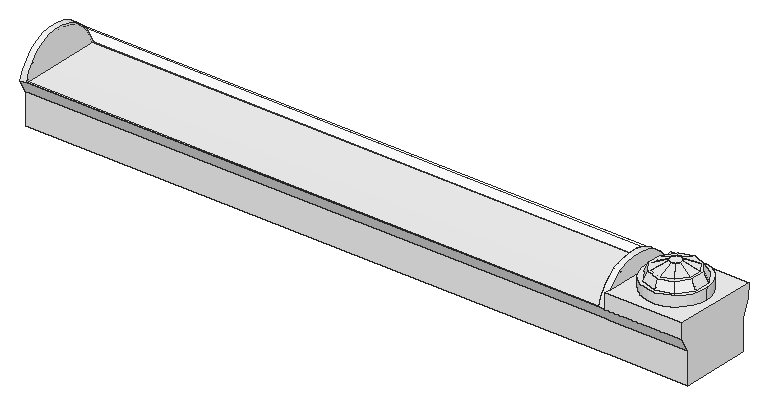
Revit family "ESL", category Lighting Fixtures, host Face, Revit 2021
Family settings
  Host = Face
  Round Connector Dimension = Use Diameter
  Part Type = Normal
  OmniClass Number = 23.80.70.11.14.17
  OmniClass Title = Direct/Indirect
  Cut with Voids When Loaded = No
  Light Source = Yes
  Shared = Yes
  Room Calculation Point = No
Parameters (values of type "ESL-2")
  zz Length 2 = 24"
  Watts = 13.8 W
  Wattage Comments = "13W to 38W"  # constant formula
  Wattage = 13.8 W
  Warranty = "Five year warranty"  # constant formula
  built-in parameter 1150110 = 1 (stored number, unit not read)
  Voltage = 120 V
  URL = "https://www.currentlighting.com/columbia"
  Type Comments = "Lighting Fixture"  # constant formula
  built-in parameter 1114217 = 1 (stored number, unit not read)
  Tilt Angle = 90.00°
  built-in parameter 1150109 = 1 (stored number, unit not read)
  built-in parameter 1150134 = (empty or 0)
  built-in parameter 1150113 = 1 (stored number, unit not read)
  Product Page URL = ""
  Product Documentation Link = ""
  Power Factor = 1
  Photometric Web File = "generic.ies"
  Model = "ESL"  # constant formula
  Manufacturer = "Columbia Lighting"  # constant formula
  built-in parameter 1150105 = 129.55 (stored number, unit not read)
  Lumens = 1628.4 lm
  built-in parameter 1150115 = 1 (stored number, unit not read)
  Load Classification = Lighting
  built-in parameter 1150137 = (empty or 0)
  built-in parameter 1150139 = (empty or 0)
  built-in parameter 1150112 = 1 (stored number, unit not read)
  built-in parameter 1150114 = 1 (stored number, unit not read)
  Lamp = "LED"  # constant formula
  Glass = White Glass
  built-in parameter 1150132 = (empty or 0)
  built-in parameter 1150102 = (empty or 0)
  built-in parameter 1150107 = 3000 (stored number, unit not read)
  built-in parameter 1150138 = (empty or 0)
  built-in parameter 1150106 = 1.2955 (stored number, unit not read)
  Emit from Rectangle Width = 3"  # constant formula
  Emit from Rectangle Length = zz Length 2 - 2"  # 22"
  Copyright = "Copyright © Columbia Lighting"  # constant formula
  Contact Us = ""
  Ceiling Type = "Celing & Wall Mount"  # constant formula
  Emit Shape Visible in Rendering = no
  built-in parameter 1150104 = 10.963 (stored number, unit not read)
  Dimming Lamp Color Temperature Shift = Incandescent Lamp Curve
  Description = "Escalate™ Stairwell Luminaire"  # constant formula
  Default Elevation = 48"
  Finish = Arctic White
  Color Filter = 16777215
  built-in parameter 1114218 = 1 (stored number, unit not read)
  built-in parameter 1150133 = 10 (stored number, unit not read)
  Assembly Code = "D5020200"
  Apparent Load = Watts / Power Factor  # 13.8 VA
Types (4): name | zz Length 2 | Emit from Rectangle Length
  (no name) | 24" | 22"
  ESL-2 | 24" | 22"
  ESL-4 | 48" | 46"
  ESL-8 | 96" | 94"
Reference planes (in)
  plane 1 "Center (Front/Back)": y = 6.16697
  plane 2: z = 0
  plane 3 "Center (Left/Right)": x = 0
  plane 4: z = 0
Lines and regions (in)
  reference lines
    curve 1: line (0, 14.66697, -3.25) -> (0, 17.66697, -0.25)
    curve 2: line (0, -2.33303, -3.25) -> (0, 14.66697, -3.25)
    curve 3: line (0, -5.33303, -0.25) -> (0, -2.33303, -3.25)
    curve 4: line (0, 14.66697, -3.25) -> (0, 17.66697, -0.25)
    curve 5: line (0, -5.33303, -0.25) -> (0, 17.66697, -0.25)
    curve 6: line (0, 17.41697, -0.77432) -> (0, 18.16697, -0.77432)
    curve 7: line (0, 17.41697, -1.52432) -> (0, 17.41697, -0.77432)
    curve 8: line (0, 16.93705, -1.52432) -> (0, 17.41697, -1.52432)
    curve 9: line (0, 15.16697, -4.25) -> (0, 16.93705, -1.52432)
    curve 10: line (0, -4.60311, -1.52432) -> (0, -2.83303, -4.25)
    curve 11: line (0, -5.08303, -1.52432) -> (0, -4.60311, -1.52432)
    curve 12: line (0, -5.08303, -0.77432) -> (0, -5.08303, -1.52432)
    curve 13: line (0, -5.83303, -0.77432) -> (0, -5.08303, -0.77432)
Dimensions and locks (in)
  aligned and locked: plane 2 to host face
  aligned and locked: level to host face
  aligned and locked: imposter light to plane 3 "Center (Left/Right)"
  aligned and locked: imposter light to plane 1 "Center (Front/Back)"
  aligned and locked: plane 3 "Center (Left/Right)" to nested 1
  aligned and locked: plane 1 "Center (Front/Back)" to nested 1
  aligned and locked: imposter light to nested 1
Nested families (in)
  nested 1: "LED Stairwell Luminaire" at (2.04767, 6.12698, 0), Row Length <- "zz Length 2", Glass <- "Glass", Backbox <- "Finish", type "LED Stairwell Luminaire"
    with Row Length 24", Glass White Glass, Backbox Arctic White
Connectors (in)
  electrical at (6.73047, 6.16697, 0), driven by "Load Classification", driven by "Voltage", driven by "Apparent Load", driven by "Power Factor"
    settings: on nested 1, index 1, voltage 120 V, apparent load 13.8 VA, apparent load phase1 0 VA, apparent load phase2 0 VA, apparent load phase3 0 VA, power factor 1, load classification "Lighting", number of poles 1, system type 30, power factor state 1, is connector primary yes, connector utility no, sub classification motor no, connector description "Electrical Connector"
Definition of nested family "LED Stairwell Luminaire"
  Parameters
    Wattage Comments = ""
    URL = ""
    Row Length [instance] = 24"
    Model = ""
    Manufacturer = ""
    Lamp = ""
    Glass [instance] = none
    Description = ""
    Default Elevation = 48"
    Backbox [instance] = none
  Reference planes (in)
    plane 1 "Center (Front/Back)": y = 0.03999
    plane 2: z = 0
    plane 3 "Center (Left/Right)": x = -2.04767
    plane 4: x = -14.04767
    plane 5: x = 9.95233
    plane 6: x = -13.79767
    plane 7: x = 9.70233
    plane 8: z = 3.45313
    plane 9: y = 1.43999
    plane 10: y = -1.36001
    plane 11: x = 13.1242
    plane 12: y = -1.66001
    plane 13: y = 1.73999
  Forms (in)
    Extrusion 1, solid
      sketch origin (0, 0, 0.06357) x (1, 0, 0) y (0, 1, 0)
        loop
          line (-48, 48) -> (-48, -48) -> (48, -48) -> (48, 48) -> (-48, 48)
      from -0.06357 to -17.74365
    Extrusion 2, solid, material <- "Backbox"
      sketch origin (-2.04767, 0, 0) x (0, 1, 0) y (0, 0, 1)
        loop
          line (1.43999, 1.27433) -> (1.73999, 1.81422) -> (-1.66001, 1.81422) -> (-1.36001, 1.27433) -> (-1.36001, 0) -> (1.43999, 0) -> (1.43999, 1.27433)
      from -11.75 to 15.17188
    Extrusion 3, solid, material <- "Glass"
      sketch origin (-2.04767, 0, 0) x (0, 1, 0) y (0, 0, 1)
        loop
          arc (1.73999, 1.81422) -> (0.03999, 3.13267) -> (-1.66001, 1.81422) r 1.75521
          line (-1.66001, 1.81422) -> (-1.59799, 1.81422)
          arc (-1.59799, 1.81422) -> (0.03999, 3.07267) -> (1.67797, 1.81422) r 1.69521
          line (1.67797, 1.81422) -> (1.73999, 1.81422)
      from -11.75 to 11.75
    Extrusion 4, solid, material <- "Backbox"
      sketch origin (-2.04767, 0, 0) x (0, 1, 0) y (0, 0, 1)
        loop
          line (1.43999, 1.27433) -> (1.73999, 1.81422)
          arc (1.73999, 1.81422) -> (0.03999, 3.13267) -> (-1.66001, 1.81422) r 1.75521
          line (-1.66001, 1.81422) -> (-1.36001, 1.27433) -> (-1.36001, 0) -> (1.43999, 0) -> (1.43999, 1.27433)
      from 11.75 to 12
    Extrusion 5, solid, material <- "Backbox"
      sketch origin (-2.04767, 0, 0) x (0, 1, 0) y (0, 0, 1)
        loop
          line (1.43999, 1.27433) -> (1.73999, 1.81422)
          arc (1.73999, 1.81422) -> (0.03999, 3.13267) -> (-1.66001, 1.81422) r 1.75521
          line (-1.66001, 1.81422) -> (-1.36001, 1.27433) -> (-1.36001, 0) -> (1.43999, 0) -> (1.43999, 1.27433)
      from -12 to -11.75
    Extrusion 6, solid, material <- "Backbox"
      sketch origin (0, 0, 0) x (1, 0, 0) y (0, 1, 0)
        loop
          circle (11.52445, 0.03999) r 1.25
      from 2.4276 to 2.83969
    Blend 7, solid, material <- "Backbox"
      base sketch origin (0, 0, 0) x (1, 0, 0) y (0, 1, 0)
        loop
          line (12.58724, 0.38531) -> (12.18129, 0.94406) -> (11.52445, 1.15748) -> (10.86761, 0.94406) -> (10.46166, 0.38531) -> (10.46166, -0.30533) -> (10.86761, -0.86407) -> (11.52445, -1.07749) -> (12.18129, -0.86407) -> (12.58724, -0.30533) -> (12.58724, 0.38531)
      top sketch origin (0, 0, 0) x (1, 0, 0) y (0, 1, 0)
        loop
          line (12.40995, 0.32771) -> (12.07172, 0.79324) -> (11.52445, 0.97106) -> (10.97718, 0.79324) -> (10.63895, 0.32771) -> (10.63895, -0.24773) -> (10.97718, -0.71326) -> (11.52445, -0.89108) -> (12.07172, -0.71326) -> (12.40995, -0.24773) -> (12.40995, 0.32771)
      from 2.83969 to 3.17434
    Extrusion 8, solid, material <- "Backbox"
      sketch origin (0, 0, 0) x (1, 0, 0) y (0, 1, 0)
        loop
          line (9.95233, 1.73999) -> (9.95233, -1.66001) -> (13.1242, -1.66001) -> (13.1242, 1.73999) -> (9.95233, 1.73999)
      from 1.81422 to 2.4276
    Blend 9, solid, material <- "Glass"
      base sketch origin (0, 0, 5.31679) x (0, -1, 0) y (1, 0, 0)
        loop
          line (-0.30017, 12.3252) -> (-0.72115, 12.01934) -> (-0.88195, 11.52445) -> (-0.72115, 11.02956) -> (-0.30017, 10.7237) -> (0.22019, 10.7237) -> (0.64116, 11.02956) -> (0.80196, 11.52445) -> (0.64116, 12.01934) -> (0.22019, 12.3252) -> (-0.30017, 12.3252)
      top sketch origin (0, 0, 5.31679) x (0, -1, 0) y (1, 0, 0)
        loop
          line (-0.11477, 11.75458) -> (-0.23575, 11.66668) -> (-0.28197, 11.52445) -> (-0.23575, 11.38222) -> (-0.11477, 11.29432) -> (0.03478, 11.29432) -> (0.15577, 11.38222) -> (0.20198, 11.52445) -> (0.15577, 11.66668) -> (0.03478, 11.75458) -> (-0.11477, 11.75458)
      from -2.14245 to -1.86366
  Cuts and joins
    joined: Extrusion 2, Extrusion 4, Extrusion 5, Extrusion 6, Blend 7, Extrusion 8
  Dimensions and locks (in)
    equal spacing: plane 5, plane 3 "Center (Left/Right)", plane 4
    locked: plane 6 to plane 4 at 0.25
    "Row Length": plane 5 to plane 4
    equal spacing: plane 7, plane 3 "Center (Left/Right)", plane 6
    plane 8 to plane 2 = 3 29/64"
    equal spacing: plane 9, plane 1 "Center (Front/Back)", plane 10, locked at 1.4 each
    locked: plane 11 to plane 5 at 3.17188
    equal spacing: plane 13, plane 1 "Center (Front/Back)", plane 12, locked at 1.7 each
    aligned and locked: plane 2 to Extrusion 1
    aligned and locked: level to Extrusion 1
    aligned and locked: Extrusion 2 to plane 6
    aligned and locked: plane 7 to Extrusion 3
    aligned and locked: Extrusion 3 to plane 6
    aligned and locked: plane 5 to Extrusion 4
    aligned and locked: Extrusion 4 to plane 7
    aligned and locked: Extrusion 5 to plane 4
    aligned and locked: plane 6 to Extrusion 5
    aligned and locked: Extrusion 5 sketch curve to plane 9
    aligned and locked: plane 10 to Extrusion 5 sketch curve
    aligned and locked: plane 11 to Extrusion 2
    aligned and locked: Blend 7 to Extrusion 6
    aligned and locked: plane 5 to Extrusion 8 sketch curve
    aligned and locked: Extrusion 8 sketch curve to plane 11
    aligned and locked: Extrusion 8 sketch curve to plane 13
    aligned and locked: Extrusion 8 sketch curve to plane 12
    aligned and locked: Blend 9 to Blend 7
  Automatic sketch dimensions
    Extrusion 1 sketch curve to Extrusion 1 sketch curve = 96"  (x2)
    Extrusion 2 sketch curve to plane 12 = 0"
    Extrusion 2 sketch curve to plane 10 = 0"
    Extrusion 2 sketch curve to level = 0"
    Extrusion 2 sketch curve to plane 9 = 0"
    Extrusion 2 sketch curve to plane 13 = 0"
    level to Extrusion 2 sketch curve = 1.27433"  (x2)
    Extrusion 2 sketch curve to Extrusion 2 sketch curve = 0.53989"
    Extrusion 3 sketch curve to Extrusion 3 sketch curve = 0"  (x2)
    Extrusion 3 sketch curve to plane 12 = 0"
    Extrusion 3 sketch curve to plane 1 "Center (Front/Back)" = 0"
    Extrusion 3 sketch curve to plane 13 = 0"
    Extrusion 3 sketch curve to Extrusion 3 sketch curve = 0.06202"
    level to Extrusion 3 sketch curve = 1.37747"
    Extrusion 3 sketch curve to plane 8 = 1.63891"
    Extrusion 4 sketch curve to plane 12 = 0"
    Extrusion 4 sketch curve to level = 0"
    Extrusion 4 sketch curve to plane 10 = 0"
    Extrusion 4 sketch curve to plane 1 "Center (Front/Back)" = 0"
    Extrusion 4 sketch curve to plane 9 = 0"
    Extrusion 4 sketch curve to plane 13 = 0"
    Extrusion 4 sketch curve to Extrusion 4 sketch curve = 1.27433"  (x2)
    level to Extrusion 4 sketch curve = 1.37747"
    Extrusion 4 sketch curve to Extrusion 4 sketch curve = 0.53989"
    Extrusion 5 sketch curve to plane 12 = 0"
    Extrusion 5 sketch curve to plane 1 "Center (Front/Back)" = 0"
    Extrusion 5 sketch curve to plane 13 = 0"
    Extrusion 5 sketch curve to level = 0"
    Extrusion 5 sketch curve to Extrusion 5 sketch curve = 1.27433"  (x2)
    level to Extrusion 5 sketch curve = 1.37747"
    Extrusion 5 sketch curve to Extrusion 5 sketch curve = 0.53989"
    plane 1 "Center (Front/Back)" to Extrusion 6 sketch curve = 0"
    plane 5 to Extrusion 6 sketch curve = 1.57212"
    plane 9 to Blend 9 sketch curve = 0.55805"
    Blend 9 sketch curve to Blend 9 sketch curve = 0.1608"  (x3)
    Blend 9 sketch curve to plane 1 "Center (Front/Back)" = 0.26018"  (x2)
    plane 1 "Center (Front/Back)" to Blend 9 sketch curve = 0.26018"  (x2)
    Blend 9 sketch curve to Blend 9 sketch curve = 0.42098"  (x2)
    plane 5 to Blend 9 sketch curve = 0.77137"
    Blend 9 sketch curve to Blend 9 sketch curve = 0.30586"  (x3)
    Blend 9 sketch curve to Blend 9 sketch curve = 0.49489"  (x4)
    Blend 9 sketch curve to plane 1 "Center (Front/Back)" = 0.24197"
    Blend 9 sketch curve to Blend 9 sketch curve = 0.04621"  (x3)
    Blend 9 sketch curve to plane 1 "Center (Front/Back)" = 0.07477"  (x2)
    plane 1 "Center (Front/Back)" to Blend 9 sketch curve = 0.07477"  (x2)
    Blend 9 sketch curve to Blend 9 sketch curve = 0.12099"  (x2)
    Blend 9 sketch curve to Blend 9 sketch curve = 0.0879"  (x3)
    Blend 9 sketch curve to Blend 9 sketch curve = 0.14223"  (x4)
    plane 5 to Blend 9 sketch curve = 1.34199"
    plane 5 to Blend 7 sketch curve = 0.50933"
    Blend 7 sketch curve to Blend 7 sketch curve = 0.40595"  (x2)
    Blend 7 sketch curve to plane 10 = 0.28251"
    Blend 7 sketch curve to Blend 7 sketch curve = 0.65684"  (x4)
    plane 9 to Blend 7 sketch curve = 0.28251"
    Blend 7 sketch curve to plane 11 = 0.53696"
    Blend 7 sketch curve to plane 10 = 0.49594"  (x2)
    plane 1 "Center (Front/Back)" to Blend 7 sketch curve = 0.34532"  (x2)
    Blend 7 sketch curve to plane 1 "Center (Front/Back)" = 0.34532"  (x2)
    plane 9 to Blend 7 sketch curve = 0.49594"  (x2)
    plane 1 "Center (Front/Back)" to Blend 7 sketch curve = 0.28772"  (x2)
    plane 5 to Blend 7 sketch curve = 0.68662"
    Blend 7 sketch curve to Blend 7 sketch curve = 0.33823"  (x3)
    Blend 7 sketch curve to plane 10 = 0.46893"
    Blend 7 sketch curve to Blend 7 sketch curve = 0.54727"  (x4)
    plane 9 to Blend 7 sketch curve = 0.46893"
    Blend 7 sketch curve to plane 1 "Center (Front/Back)" = 0.28772"  (x2)
    Blend 7 sketch curve to Blend 7 sketch curve = 0.17782"  (x3)
    Blend 7 sketch curve to Blend 7 sketch curve = 0.46553"
    radius of Extrusion 6 sketch curve = 1 1/4"
